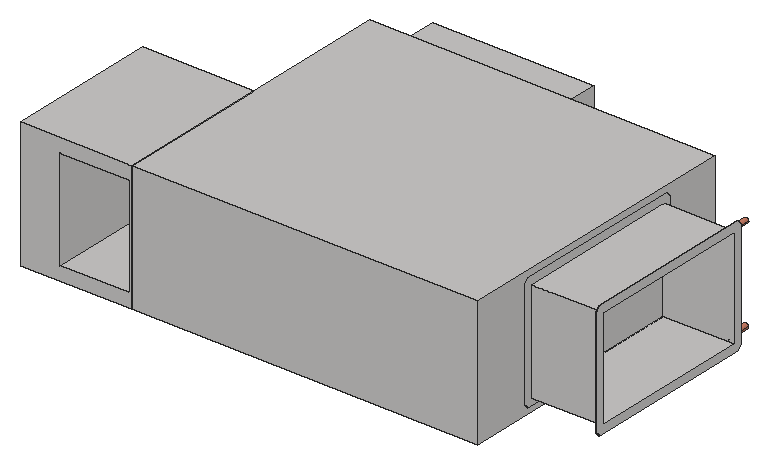
Revit family
Parameters
  Width = 3' - 1"
  Voltage = 208 V
  Unit Weight = if(and(Size Option = 1, Number of Rows = 1), "189.0 lbs", if(and(Size Option = 1, Number of Rows = 2), "192.0 lbs", if(and(Size Option = 2, Number of Rows = 1), "194.0 lbs", if(and(Size Option = 2, Number of Rows = 2), "197.0 lbs", "0"))))  # "194.0 lbs"
  UltraLoc Liner = Choose Liner Option = 3  # no
  URL = "http://www.titus-hvac.com/"
  UL = "181"
  Supply Air Flow [instance] = 0 CFM
  SteriLoc Liner = Choose Liner Option = 2  # no
  Size Option = 2
  Size C = Size Option = 2  # yes
  Size B = Size Option = 1  # no
  Secondary Material = Copper Connectors
  Primary Air Pressure Drop [instance] = 0.00 in-wg
  Primary Air Flow [instance] = 0 CFM
  Pressure [instance] = 0.00 psi
  Plenum Air Pressure Drop [instance] = 0.00 in-wg
  Plenum Air Flow [instance] = 0 CFM
  Outlet Width = 1' - 8 1/2"
  Outlet Height = 1' - 0 1/2"
  Number of Rows = 1
  Number of Poles = 2
  Nominal Width = Width + 0' 6 1/4"  # 3' - 7 1/4"
  Nominal Length = Length + 1' 1 7/8" + 0' 9"  # 5' - 5 7/8"
  Nominal Inlet Size = 0' - 8"
  Nominal Height = 1' - 4"
  NFPA = "90A"
  Motor Full Load Amps [instance] = 1.8 A
  Model = "DTFS-F"
  Min. Air Flow = 0 CFM
  Max. Air Flow = 900 CFM
  Material = Galvanized Steel
  Manufacturer = "Titus"
  Length = 3' - 7"
  Juction Box Offset = 0' - 2 7/8"
  Inlet Diameter = Nominal Inlet Size - 0' 0 1/8"  # 0' - 7 7/8"
  Induced Air Inlet Width = 1' - 1 7/8"
  Induced Air Inlet Offset = (Height - Induced Air Inlet Connection Height) / 2  # 0' - 1 11/16"
  Induced Air Inlet Height = 1' - 7"
  Induced Air Inlet Connection Width = 0' - 8 3/4"
  Induced Air Inlet Connection Height = 1' - 0 5/8"
  Induced Air Filter = no
  Height = 1' - 4"
  Heating Total Capacity [instance] = 0 Btu/h
  Heating Entering Water Temp = 0 °F
  Half Outlet Connection Width = Outlet Width / 2  # 0' - 10 1/4"
  Half Outlet Connection Height = Outlet Height / 2  # 0' - 6 1/4"
  Half Height Start = -(Height / 2)  # -0' - 8"
  Half Height End = Height / 2  # 0' - 8"
  HWC Option = HWC Section : B-C - 1 Row
  HWC Connector Radius = 5/16"
  HP-Motor = "1/4"
  Gallons Per Minute [instance] = 0 GPM
  Frequency = 60 Hz
  Flange Offset = 0' - 1"
  Filter Size = "11\"x14\""
  Fiber Free Liner = Choose Liner Option = 1  # no
  Fan Disconnect Switch = no
  Duct Radius = Nominal Inlet Size / 2  # 0' - 4"
  Description = "Ultra Quiet Series Fan Powered Terminal Unit, Direct Digital Control, Pressure Independent"
  Connector Vertical Offset = 0' - 11 3/4"
  HWC Connector Length = 0' - 3"
  Connector Horizontal Offset = if(Number of Rows = 1, 0' 0", if(Number of Rows = 2, 0' 1", 0' 0"))  # 0' - 0"
  Connection Void Radius = Connection Radius - 0' 0 1/4"  # 0' - 3 11/16"
  Connection Radius = Inlet Diameter / 2  # 0' - 3 15/16"
  Choose Liner Option = 0
  CADworks URL = "www.CADworks.net"
  Assembly Code = "D3040100"
  Apparent Power [instance] = Voltage * Motor Full Load Amps  # 374.4 VA
  Air Inlet Offset = 0' - 6"
  1/2" Fiberglass Liner = Choose Liner Option = 0  # yes
  1" Fiberglass Liner = Choose Liner Option = 4  # no
Reference planes (in)
  plane 1 "Center (Front/Back)": y = 0
  plane 2: z = 0
  plane 3 "Center (Left/Right)": x = 3
  plane 4: x = -18.5
  plane 5: x = 24.5
  plane 6: x = -15.625
  plane 7: x = -21.875
  plane 8: z = 0
  plane 9: y = -18.5
  plane 10: y = 18.5
  plane 11: y = 12.5
  plane 12: z = 0
  plane 13: x = 33.5
  plane 14: x = 32.5
  plane 15: y = 13.25
  plane 16: y = 10.25
  plane 17: z = 5.875
  plane 18: z = -5.875
  plane 19: x = 32.5
  plane 20: y = 24.75
  plane 21: x = -32.375
  plane 22: z = 8
  plane 23: z = -8
Forms (in)
  Extrusion 1, solid, material "Galvanized Steel" <- "Material"
    sketch origin (0, 0, 0) x (1, 0, 0) y (0, 1, 0)
      loop
        line (-18.5, 18.5) -> (-18.5, -18.5) -> (24.5, -18.5) -> (24.5, 18.5) -> (-18.5, 18.5)
    from -8 <- "Half Height Start" to 8 <- "Half Height End"
  Extrusion 2, solid, material "Galvanized Steel" <- "Material"
    sketch origin (0, 0, 0) x (1, 0, 0) y (0, 1, 0)
      loop
        line (-32.375, 0.5) -> (-32.375, -18.5) -> (-18.5, -18.5) -> (-18.5, 0.5) -> (-32.375, 0.5)
    from -8 <- "Half Height Start" to 8 <- "Half Height End"
  Extrusion 3, void
    sketch origin (0, -18.5, 0) x (1, 0, 0) y (0, 0, -1)
      loop
        line (-18.75, 6.3125) -> (-27.5, 6.3125) -> (-27.5, -6.3125) -> (-18.75, -6.3125) -> (-18.75, 6.3125)
    from 0 to 16
  Extrusion 4, solid, material "Galvanized Steel" <- "Material"
    sketch origin (3, 0, 30) x (1, 0, 0) y (0, 1, 0)
      loop
        line (-18.625, 18.5) -> (1.375, 18.5) -> (1.375, 24.75) -> (-18.625, 24.75) -> (-18.625, 18.5)
    from -36 to -24
  Extrusion 5, solid, material "Galvanized Steel" <- "Material"
    sketch origin (-24.875, -2, 0) x (0, 0, -1) y (0, 1, 0)
      loop
        circle (0, 14.5) r 3.9375
    from 3 to 6.375
  Extrusion 6, void
    sketch origin (-24.875, 0, 0) x (0, 1, 0) y (0, 0, 1)
      loop
        circle (12.5, 0) r 3.6875
    from 3 to 9.25
  Extrusion 7, void, detail levels fine
    sketch origin (33.5, -10.25, 6.25) x (0, 0, 1) y (0, -1, 0)
      loop
        line (-12.5, 0) -> (-12.5, -20.5) -> (0, -20.5) -> (0, 0) -> (-12.5, 0)
    from -0.0625 to 0
  Extrusion 8, solid, material "Copper Connectors" <- "Secondary Material", detail levels fine
    sketch origin (0, 0, 0) x (1, 0, 0) y (0, 0, 1)
      loop
        circle (32.5, 5.875) r 0.3125
    from -13.25 to -10.3125
  Extrusion 9, solid, material "Copper Connectors" <- "Secondary Material", detail levels fine
    sketch origin (0, 0, 0) x (1, 0, 0) y (0, 0, 1)
      loop
        circle (32.5, -5.875) r 0.3125
    from -13.25 to -10.3125
Cuts and joins
  Extrusion 3 cuts Extrusion 2
  Extrusion 6 cuts Extrusion 1
  Extrusion 6 cuts Extrusion 5
Dimensions and locks (in)
  "Length": plane 5 to plane 4
  equal spacing: plane 5, plane 3 "Center (Left/Right)", plane 4
  locked: Extrusion 4 to plane 6 at 0
  locked: Extrusion 4 to Extrusion 4 at 20
  "Juction Box Offset": plane 6 to plane 4
  locked: plane 4 to plane 7 at 3.375
  "Width": plane 9 to plane 10
  equal spacing: plane 9, plane 1 "Center (Front/Back)", plane 10
  locked: Extrusion 5 sketch curve to level at 0
  locked: Extrusion 5 sketch curve to plane 11 at 0
  locked: Extrusion 6 sketch curve to level at 0
  locked: Extrusion 6 sketch curve to plane 11 at 0
  locked: Extrusion 4 to Extrusion 4 at 6.25
  locked: Extrusion 4 to Extrusion 4 at 12
  equal spacing: Extrusion 4, plane 8, Extrusion 4
  "Air Inlet Offset": plane 10 to plane 11
  "Induced Air Inlet Height": cut or joined group of Extrusion 2, Extrusion 3 to cut or joined group of Extrusion 2, Extrusion 3
  locked: cut or joined group of Extrusion 5, Extrusion 6 to cut or joined group of Extrusion 5, Extrusion 6 at 3.375
  "Induced Air Inlet Connection Height": Extrusion 3 sketch curve to Extrusion 3 sketch curve
  "Induced Air Inlet Offset": Extrusion 3 sketch curve to cut or joined group of Extrusion 2, Extrusion 3
  "Induced Air Inlet Connection Width": Extrusion 3 sketch curve to Extrusion 3 sketch curve
  locked: Extrusion 3 sketch curve to cut or joined group of Extrusion 1, Extrusion 6 at 0.25
  locked: plane 5 to plane 13 at 9
  locked: plane 14 to plane 13 at 1
  locked: plane 17 to plane 18 at 11.75
  equal spacing: plane 17, plane 12, plane 18
  "Connector Horizontal Offset": plane 19 to plane 14
  "HWC Connector Length": plane 16 to plane 15
  locked: cut or joined group of Extrusion 2, Extrusion 3 to cut or joined group of Extrusion 2, Extrusion 3 at 16
  equal spacing: cut or joined group of Extrusion 2, Extrusion 3, plane 12, cut or joined group of Extrusion 2, Extrusion 3
  locked: cut or joined group of Extrusion 1, Extrusion 6 to cut or joined group of Extrusion 2, Extrusion 3 at 16
  equal spacing: cut or joined group of Extrusion 1, Extrusion 6, plane 12, cut or joined group of Extrusion 1, Extrusion 6
  locked: cut or joined group of Extrusion 2, Extrusion 3 to cut or joined group of Extrusion 2, Extrusion 3 at 13.875
  locked: nested 1 to cut or joined group of Extrusion 1, Extrusion 6 at 1.6875
  locked: cut or joined group of Extrusion 1, Extrusion 6 to nested 1 at 1.6875
  "Connection Radius": radius of Extrusion 5 sketch curve
  "Connection Void Radius": radius of Extrusion 6 sketch curve
  "HWC Connector Radius": radius of Extrusion 8 sketch curve
  "HWC Connector Radius": radius of Extrusion 9 sketch curve
  aligned and locked: plane 10 to Extrusion 4
  aligned and locked: plane 7 to cut or joined group of Extrusion 5, Extrusion 6
  aligned and locked: plane 9 to cut or joined group of Extrusion 2, Extrusion 3  (x3)
  aligned and locked: nested 1 to Extrusion 8
  aligned and locked: plane 15 to Extrusion 8
  aligned and locked: nested 1 to Extrusion 9
  aligned and locked: plane 15 to Extrusion 9
  aligned and locked: plane 5 to cut or joined group of Extrusion 1, Extrusion 6
  aligned and locked: cut or joined group of Extrusion 1, Extrusion 6 to plane 10
  aligned and locked: plane 9 to cut or joined group of Extrusion 1, Extrusion 6
  aligned and locked: cut or joined group of Extrusion 1, Extrusion 6 to plane 4
  aligned and locked: cut or joined group of Extrusion 1, Extrusion 6 to nested 1
  aligned and locked: cut or joined group of Extrusion 5, Extrusion 6 to cut or joined group of Extrusion 1, Extrusion 6
  aligned and locked: cut or joined group of Extrusion 2, Extrusion 3 to cut or joined group of Extrusion 1, Extrusion 6
  aligned and locked: plane 22 to cut or joined group of Extrusion 2, Extrusion 3
  aligned and locked: plane 22 to cut or joined group of Extrusion 1, Extrusion 6
  aligned and locked: plane 23 to cut or joined group of Extrusion 2, Extrusion 3
  aligned and locked: plane 23 to cut or joined group of Extrusion 1, Extrusion 6
  aligned and locked: plane 20 to Extrusion 4
  aligned and locked: plane 13 to nested 1
  aligned and locked: plane 21 to cut or joined group of Extrusion 2, Extrusion 3
  aligned and locked: plane 6 to Extrusion 6
  aligned and locked: Extrusion 6 to plane 7
Automatic sketch dimensions
  Extrusion 1 sketch curve to plane 4 = 0' - 0"
  Extrusion 1 sketch curve to plane 5 = 0' - 0"
  Extrusion 1 sketch curve to plane 9 = 0' - 0"
  Extrusion 1 sketch curve to plane 10 = 0' - 0"
  Extrusion 2 sketch curve to plane 4 = 0' - 0"
  Extrusion 2 sketch curve to plane 9 = 0' - 0"
  Extrusion 2 sketch curve to plane 1 "Center (Front/Back)" = 0' - 0 1/2"
  Extrusion 4 sketch curve to plane 6 = 0' - 0"
  Extrusion 4 sketch curve to plane 10 = 0' - 0"
  plane 3 "Center (Left/Right)" to Extrusion 4 sketch curve = 0' - 1 3/8"
  Extrusion 4 sketch curve to plane 10 = 0' - 6 1/4"
  Extrusion 2 sketch curve to plane 7 = 0' - 10 1/2"
  Extrusion 7 sketch curve to nested 1 = 0' - 0"  (x4)
  Extrusion 8 sketch curve to plane 17 = 0' - 0"
  Extrusion 8 sketch curve to plane 19 = 0' - 0"
  Extrusion 9 sketch curve to plane 14 = 0' - 0"
  Extrusion 9 sketch curve to plane 18 = 0' - 0"
Nested families (in)
  nested 1: "HWC Section" at (29, 0, 0) x (0, 1, 0) z (0, 0, 1), type <- "HWC Option", type "B-C - 1 Row"
Connectors (in)
  electrical at (-5.625, 24.75, 0), driven by "Apparent Power", driven by "Voltage", driven by "Number of Poles"
    settings: on Extrusion 4, index 8
  hvac at (-21.875, 12.5, 0), driven by "Duct Radius", driven by "Primary Air Pressure Drop", driven by "Primary Air Flow"
    settings: on cut or joined group of Extrusion 5, Extrusion 6, index 9
  hvac at (-23.125, -18.5, 0), driven by "Induced Air Inlet Connection Height", driven by "Induced Air Inlet Connection Width", driven by "Plenum Air Pressure Drop", driven by "Plenum Air Flow"
    settings: on cut or joined group of Extrusion 2, Extrusion 3, index 10
  hvac at (33.5, 0, 0), driven by "Outlet Height", driven by "Outlet Width", driven by "Supply Air Flow"
    settings: on Extrusion 7, index 11
  piping at (32.5, 13.25, 5.875), driven by "Gallons Per Minute", driven by "Pressure", driven by "HWC Connector Radius"
    settings: on Extrusion 8, index 12
  piping at (32.5, 13.25, -5.875), driven by "Gallons Per Minute", driven by "HWC Connector Radius", driven by "Pressure"
    settings: on Extrusion 9, index 13
Definition of nested family "HWC Section"
  Parameters (values of type "B-C - 1 Row")
    Visibility = yes
    Secondary Material = Copper Connectors
    Number of Rows = 1
    Material = Galvanized Steel
    Half Width = HWC Width / 2  # 0' - 10 1/4"
    Half Length-Start = -(HWC Length / 2)  # -0' - 4 1/2"
    Half Length-End = HWC Length / 2  # 0' - 4 1/2"
    HWC Connection Radius = 5/16"
    Flange Offset = 0' - 1"
    Duct Vertical Offset = HWC Height - 0' 0 1/2"  # 1' - 0"
    Duct Horizontal Offset = HWC Width - 0' 0 1/2"  # 1' - 8"
    Connector Vertical Offset = 0' - 11 3/4"
    HWC Width = 1' - 8 1/2"
    HWC Height = 1' - 0 1/2"
    HWC Length = 0' - 9"  # constant formula
    Gallons Per Minute = 0 GPM
    Connector Length = 0' - 3"
    Connector Horizontal Offset = 0' - 0"
  Types (5): name | Number of Rows | Half Width | Flange Offset | Duct Vertical Offset | Duct Horizontal Offset | Connector Vertical Offset | HWC Width | HWC Height | Connector Horizontal Offset
    (no name) | 1 | 0' - 10 1/4" | 0' - 1" | 1' - 0" | 1' - 8" | 0' - 11 3/4" | 1' - 8 1/2" | 1' - 0 1/2" | 0' - 0"
    B-C - 1 Row | 1 | 0' - 10 1/4" | 0' - 1" | 1' - 0" | 1' - 8" | 0' - 11 3/4" | 1' - 8 1/2" | 1' - 0 1/2" | 0' - 0"
    B-C - 2 Row | 2 | 0' - 10 1/4" | 0' - 1" | 1' - 0" | 1' - 8" | 0' - 11 3/4" | 1' - 8 1/2" | 1' - 0 1/2" | 0' - 1"
    D-E - 1 Row | 1 | 1' - 0 1/2" | 0' - 1 1/4" | 1' - 5" | 2' - 0 1/2" | 1' - 4 1/4" | 2' - 1" | 1' - 5 1/2" | 0' - 0"
    D-E - 2 Row | 2 | 1' - 0 1/2" | 0' - 1 1/4" | 1' - 5" | 2' - 0 1/2" | 1' - 4 3/4" | 2' - 1" | 1' - 5 1/2" | 0' - 1"
  Reference planes (in)
    plane 1 "Center (Front/Back)": y = 0
    plane 2: z = 0
    plane 3 "Center (Left/Right)": x = 0
    plane 4: x = -10.25
    plane 5: x = 10.25
    plane 6: y = 4.5
    plane 7: y = -4.5
    plane 8: z = 6.25
    plane 9: z = -6.25
    plane 10: z = 5.875
    plane 11: z = -5.875
    plane 12: y = 3.5
    plane 13: y = 3.5
    plane 14: x = 13.25
  Forms (in)
    Extrusion 1, solid, material "Galvanized Steel" <- "Material", visible <- "Visibility"
      sketch origin (0, 0, 0) x (1, 0, 0) y (0, 0, 1)
        loop
          line (-10.3125, 6.3125) -> (-10.3125, -6.3125) -> (10.3125, -6.3125) -> (10.3125, 6.3125) -> (-10.3125, 6.3125)
      from -4.375 <- "Half Length-Start" to 4.5 <- "Half Length-End"
    Extrusion 2, void, detail levels fine
      sketch origin (0, 0, 0) x (1, 0, 0) y (0, 0, 1)
        loop
          line (-10.25, -6.25) -> (10.25, -6.25) -> (10.25, 6.25) -> (-10.25, 6.25) -> (-10.25, -6.25)
      from -4.5 <- "Half Length-Start" to 4.5 <- "Half Length-End"
    Extrusion 3, solid, material "Copper Connectors" <- "Secondary Material", visible <- "Visibility"
      sketch origin (6, 2.625, 0) x (0, 1, 0) y (0, 0, 1)
        loop
          circle (0.875, -5.875) r 0.3125
      from 4.3125 to 7.25
    Extrusion 4, solid, material "Galvanized Steel" <- "Material", visible <- "Visibility"
      sketch origin (0, -4.375, 0) x (1, 0, 0) y (0, 0, 1)
        loop
          line (-10.25, 6.25) -> (-10.25, -6.25) -> (10.25, -6.25) -> (10.25, 6.25) -> (-10.25, 6.25)
        loop
          line (-11.25, 6.75) -> (-11.25, -6.75) -> (-10.75, -7.25) -> (10.75, -7.25) -> (11.25, -6.75) -> (11.25, 6.75) -> (10.75, 7.25) -> (-10.75, 7.25) -> (-11.25, 6.75)
      from 0 to 0.125
    Extrusion 5, solid, material "Copper Connectors" <- "Secondary Material", visible <- "Visibility"
      sketch origin (6, -0.5, 0) x (0, 1, 0) y (0, 0, 1)
        loop
          circle (4, 5.875) r 0.3125
      from 4.3125 to 7.25
    Extrusion 6, solid, material "Galvanized Steel" <- "Material", visible <- "Visibility"
      sketch origin (0, 4.375, 0) x (1, 0, 0) y (0, 0, -1)
        loop
          line (-10.25, -6.25) -> (10.25, -6.25) -> (10.25, 6.25) -> (-10.25, 6.25) -> (-10.25, -6.25)
        loop
          line (-11.25, -6.75) -> (-10.75, -7.25) -> (10.75, -7.25) -> (11.25, -6.75) -> (11.25, 6.75) -> (10.75, 7.25) -> (-10.75, 7.25) -> (-11.25, 6.75) -> (-11.25, -6.75)
      from 0 to 0.125
  Cuts and joins
    Extrusion 2 cuts Extrusion 1
    joined: Extrusion 1, Extrusion 4, Extrusion 6
  Dimensions and locks (in)
    "HWC Width": plane 4 to plane 5
    equal spacing: plane 4, plane 3 "Center (Left/Right)", plane 5
    "HWC Height": plane 8 to plane 9
    equal spacing: plane 8, plane 2, plane 9
    equal spacing: plane 10, plane 2, plane 11
    locked: plane 12 to plane 6 at 1
    "Connector Horizontal Offset": plane 13 to plane 12
    locked: plane 7 to Extrusion 4 at 0.125
    locked: Extrusion 6 to plane 6 at 0.125
    locked: plane 4 to Extrusion 1 sketch curve at 0.0625
    locked: Extrusion 4 to Extrusion 1 sketch curve at 0.0625
    locked: Extrusion 1 sketch curve to plane 8 at 0.0625
    locked: plane 9 to Extrusion 1 sketch curve at 0.0625
    "Connector Length": plane 5 to plane 14
    "HWC Length": plane 6 to plane 7
    equal spacing: plane 6, plane 1 "Center (Front/Back)", plane 7
    "Connector Vertical Offset": plane 10 to plane 11
    equal spacing: plane 10, level, plane 11
    "HWC Width": Extrusion 4 sketch curve to Extrusion 4 sketch curve
    equal spacing: Extrusion 4 sketch curve, plane 3 "Center (Left/Right)", Extrusion 4 sketch curve
    "HWC Height": Extrusion 4 sketch curve to Extrusion 4 sketch curve
    equal spacing: Extrusion 4 sketch curve, plane 2, Extrusion 4 sketch curve
    "Flange Offset": cut or joined group of Extrusion 1, Extrusion 2, Extrusion 4, Extrusion 6 to plane 8
    "Flange Offset": plane 9 to cut or joined group of Extrusion 1, Extrusion 2, Extrusion 4, Extrusion 6
    locked: cut or joined group of Extrusion 1, Extrusion 2, Extrusion 4, Extrusion 6 to plane 4 at 1  (x2)
    locked: cut or joined group of Extrusion 1, Extrusion 2, Extrusion 4, Extrusion 6 to plane 5 at 1  (x2)
    "HWC Width": Extrusion 6 sketch curve to Extrusion 6 sketch curve
    "HWC Height": Extrusion 6 sketch curve to Extrusion 6 sketch curve
    equal spacing: Extrusion 6 sketch curve, plane 3 "Center (Left/Right)", Extrusion 6 sketch curve
    equal spacing: Extrusion 6 sketch curve, plane 2, Extrusion 6 sketch curve
    "HWC Height": Extrusion 2 sketch curve to Extrusion 2 sketch curve
    "HWC Width": Extrusion 2 sketch curve to Extrusion 2 sketch curve
    equal spacing: Extrusion 2 sketch curve, plane 3 "Center (Left/Right)", Extrusion 2 sketch curve
    equal spacing: Extrusion 2 sketch curve, plane 2, Extrusion 2 sketch curve
    locked: plane 5 to Extrusion 3 at 0.0625
    locked: plane 5 to Extrusion 5 at 0.0625
    "Flange Offset": Extrusion 6 sketch curve to plane 8  (x2)
    "Flange Offset": plane 9 to Extrusion 6 sketch curve  (x2)
    "HWC Connection Radius": radius of Extrusion 3 sketch curve
    "HWC Connection Radius": radius of Extrusion 5 sketch curve
    aligned and locked: plane 7 to Extrusion 4
    aligned and locked: plane 6 to Extrusion 6
    aligned and locked: plane 14 to Extrusion 5
    aligned and locked: plane 14 to Extrusion 3
    aligned and locked: Extrusion 6 to cut or joined group of Extrusion 1, Extrusion 2, Extrusion 4, Extrusion 6
    aligned and locked: Extrusion 4 to Extrusion 4
  Automatic sketch dimensions
    Extrusion 3 sketch curve to plane 11 = 0' - 0"
    Extrusion 3 sketch curve to plane 12 = 0' - 0"
    plane 4 to Extrusion 4 sketch curve = 0' - 1"
    plane 4 to Extrusion 4 sketch curve = 0' - 0 1/2"  (x2)
    Extrusion 4 sketch curve to plane 5 = 0' - 0 1/2"  (x2)
    Extrusion 4 sketch curve to Extrusion 4 sketch curve = 0' - 0 1/2"  (x3)
    Extrusion 4 sketch curve to plane 9 = 0' - 0 1/2"  (x2)
    plane 8 to Extrusion 4 sketch curve = 0' - 0 1/2"  (x2)
    Extrusion 5 sketch curve to plane 10 = 0' - 0"
    Extrusion 5 sketch curve to plane 13 = 0' - 0"
    plane 4 to Extrusion 6 sketch curve = 0' - 1"
    plane 4 to Extrusion 6 sketch curve = 0' - 0 1/2"  (x2)
    Extrusion 6 sketch curve to plane 5 = 0' - 0 1/2"  (x2)
    Extrusion 6 sketch curve to Extrusion 6 sketch curve = 0' - 0 1/2"  (x2)
    plane 8 to Extrusion 6 sketch curve = 0' - 0 1/2"  (x2)
    Extrusion 6 sketch curve to plane 9 = 0' - 0 1/2"
